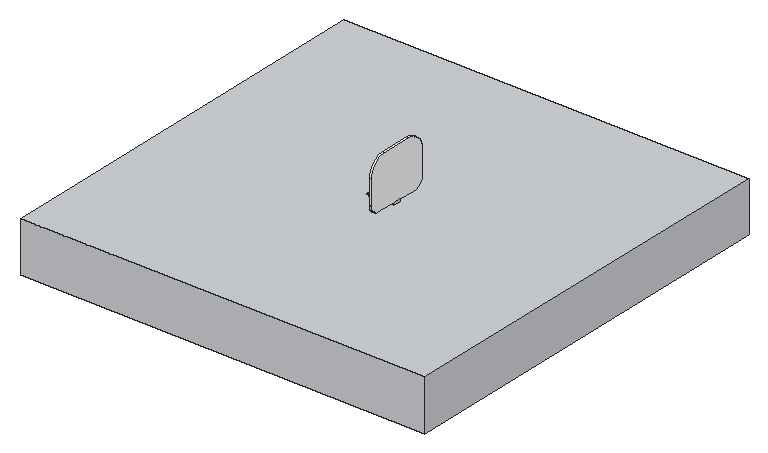
Revit family "Legrand Accessoires Colonnes clippage direct", category Installations électriques, Revit 2020
Family settings
  Hôte = Face
  Conserver l'orientation des annotations = Non
  Cote de connecteur circulaire = Utiliser le diamètre
  Type d'élément = Normal
  Couper avec des vides une fois chargée = Non
  Partagée = Non
  Point de calcul de pièce = Non
Parameters (values of type "Tablette")
  Standard = "A clippage direct-ON"
  Modèle = "LG-653083"
  Matériau principal = "Corian"
  Finition = "Blanc"
  Fabricant = "LEGRAND"
  Elévation par défaut = 900 mm
  Description = "tablette support en corian Blanc pour Colonnes cv45mm - clippage direct"
  Accessoire = TABLES_45 : Tablette
Types (4, lengths in mm): name | Modèle | Matériau principal | Finition | Elévation par défaut | Description | Accessoire
  Support signalétique | "LG-653080" | "Mixte" | "Mixte" | 2000 | "support signaletique 150x150mm avec interface cv45mm" | INFORMATIONS_PANEL_45 : 150x150mm
  Support écran 26 pouces | "LG-653081" | "Mixte" | "Mixte" | 1800 | "support ecran 10-26 pouces / 25-66cm / vesa. pour Colonnes cv 45 mm" | TV_SUPPORT_45 : 25-66cm
  Support écran 42 pouces | "LG-653082" | "Mixte" | "Mixte" | 1800 | "support ecran 26-42 pouces / 66-107cm / vesa. pour Colonnes cv 45 mm" | TV_SUPPORT_45 : 66-107cm
  Tablette | "LG-653083" | "Corian" | "Blanc" | 900 | "tablette support en corian Blanc pour Colonnes cv45mm - clippage direct" | TABLES_45 : Tablette
Reference planes
  plane 1 "Centre (avant/arrière)": y = 0
  plane 2: z = 0
  plane 3 "Centre (gauche/droite)": x = 0
  plane 4: z = 15
  plane 5: y = 22.5
  plane 6: y = -22.5
Forms (mm)
  Extrusion 1, solid
    sketch origin (0, 0, 0) x (1, 0, 0) y (0, 1, 0)
      loop
        line (-1219.2, 1219.2) -> (-1219.2, -1219.2) -> (1219.2, -1219.2) -> (1219.2, 1219.2) -> (-1219.2, 1219.2)
    from 0 to -304.8
Dimensions and locks
  aligned and locked: plane 2 to Extrusion 1
  aligned and locked: level to Extrusion 1
  aligned and locked: nested 1 to plane 3 "Centre (gauche/droite)"
  aligned and locked: nested 1 to plane 1 "Centre (avant/arrière)"
Nested families
  nested 1: "TABLES_45" at (0, 0, 0) x (-1, 0, 0) z (0, 0, 1), type <- "Accessoire", type "Tablette"
    with Longueur CV 45 mm
Definition of nested family "TABLES_45"
  Parameters (values of type "Tablette Ref. 653183")
    Longueur CV = 80 mm
    Default Elevation = 1219.2 mm
  Types (3, lengths in mm): name | Longueur CV
    (no name) | 80
    Tablette Ref. 653083 | 45
    Tablette Ref. 653183 | 80
  Reference planes
    plane 1 "Centre (avant/arrière)": y = 0
    plane 2: z = 0
    plane 3 "Centre (gauche/droite)": x = 0
    plane 4: z = 15
    plane 5: x = -75
    plane 6: x = 75
    plane 7: y = 40
    plane 8: y = -40
    plane 9: x = -75
    plane 10: x = -63
    plane 11: y = 40
    plane 12: y = -40
    plane 13: y = -74.202
    plane 14: y = 74.202
    plane 15: y = 31.429
    plane 16: y = -31.429
  Forms (mm)
    Extrusion 1, solid
      sketch origin (0, 0, 0) x (1, 0, 0) y (0, 1, 0)
        loop
          line (-1219.2, 1219.2) -> (-1219.2, -1219.2) -> (1219.2, -1219.2) -> (1219.2, 1219.2) -> (-1219.2, 1219.2)
      from 0 to -304.8
    Extrusion 2, solid
      sketch origin (0, 0, 0) x (1, 0, 0) y (0, 1, 0)
        loop
          line (-75, 40) -> (-75, -40) -> (75, -40) -> (75, 40) -> (-75, 40)
      from 0 to 15
    Extrusion 3, solid
      sketch origin (0, 0, 0) x (0, 1, 0) y (0, 0, 1)
        loop
          arc (140, 15) -> (175.355, 29.645) -> (190, 65) r 50
          line (190, 65) -> (190, 215)
          arc (190, 215) -> (160.711, 285.711) -> (90, 315) r 100
          line (90, 315) -> (-90, 315)
          arc (-90, 315) -> (-160.711, 285.711) -> (-190, 215) r 100
          line (-190, 215) -> (-190, 65)
          arc (-190, 65) -> (-175.355, 29.645) -> (-140, 15) r 50
          line (-140, 15) -> (140, 15)
      from -75 to -63
    Extrusion 4, solid
      sketch origin (0, 2.718, 14.585) x (1, 0, 0) y (0, -0.34202, 0.939693)
        loop
          line (-63, 115) -> (-63, 15) -> (75, 15) -> (-63, 115)
      from 30.879 to 40
    Extrusion 5, solid
      sketch origin (0, -2.718, 14.585) x (1, 0, 0) y (0, -0.34202, -0.939693)
        loop
          line (-63, -115) -> (75, -15) -> (-63, -15) -> (-63, -115)
      from 30.879 to 40
  Dimensions and locks
    "Longueur CV": plane 8 to plane 7
    equal spacing: plane 8, plane 1 "Centre (avant/arrière)", plane 7
    plane 9 to plane 10 = 12 mm  (x2)
    Extrusion 3 to Extrusion 3 = 300 mm
    Extrusion 3 to Extrusion 3 = 380 mm
    locked: plane 15 to plane 11 at 8.571
    locked: plane 12 to plane 16 at 8.571
    aligned and locked: plane 2 to Extrusion 1
    aligned and locked: level to Extrusion 1
    aligned and locked: Extrusion 2 sketch curve to plane 8
    aligned and locked: plane 5 to Extrusion 2 sketch curve
    aligned and locked: plane 7 to Extrusion 2 sketch curve
    aligned and locked: Extrusion 2 sketch curve to plane 6
    aligned and locked: plane 15 to Extrusion 5
    aligned and locked: Extrusion 4 to plane 16
    aligned and locked: Extrusion 2 to plane 11
    aligned and locked: plane 12 to Extrusion 2
  Automatic sketch dimensions
    Extrusion 1 sketch curve to Extrusion 1 sketch curve = 2438.4 mm  (x2)
    plane 4 to Extrusion 3 sketch curve = 0 mm
    Extrusion 3 sketch curve to plane 4 = 50 mm  (x2)
    plane 1 "Centre (avant/arrière)" to Extrusion 3 sketch curve = 190 mm
    plane 1 "Centre (avant/arrière)" to Extrusion 3 sketch curve = 90 mm
    Extrusion 3 sketch curve to plane 1 "Centre (avant/arrière)" = 90 mm
    Extrusion 3 sketch curve to plane 1 "Centre (avant/arrière)" = 140 mm
    Extrusion 3 sketch curve to Extrusion 3 sketch curve = 150 mm
    Extrusion 4 sketch curve to plane 10 = 0 mm
    plane 3 "Centre (gauche/droite)" to Extrusion 4 sketch curve = 75 mm
    Extrusion 4 sketch curve to Extrusion 4 sketch curve = 100 mm
    Extrusion 5 sketch curve to plane 10 = 0 mm
    plane 3 "Centre (gauche/droite)" to Extrusion 5 sketch curve = 75 mm
    Extrusion 5 sketch curve to Extrusion 5 sketch curve = 100 mm
